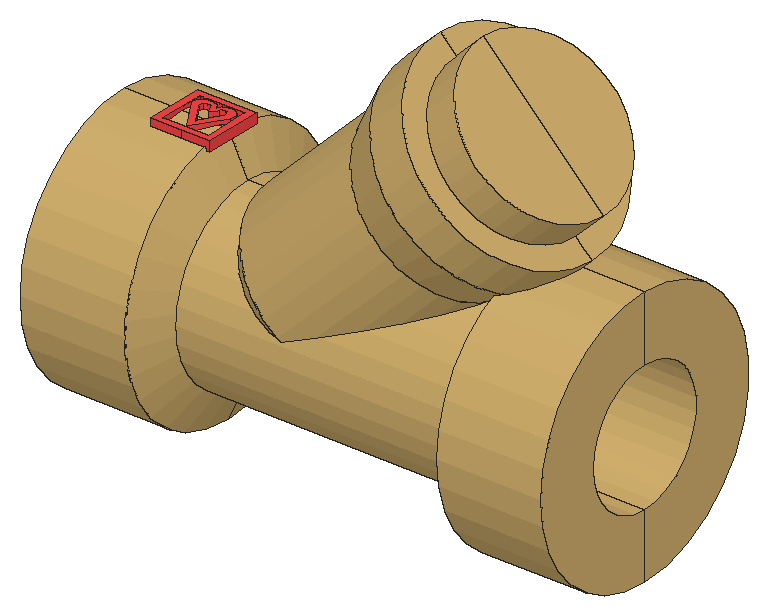
Revit family "Фильтр-грязевик 2662", category Rohrzubehör, Revit 2020
Family settings
  Bemaßung runder Anschluss = Durchmesser verwenden
  Teiletyp = Unterbricht
  OmniClass-Nummer = 23.65.55.14
  OmniClass-Titel = Valves for Liquid Services
  Arbeitsebenenbasiert = Nein
  Immer vertikal = Ja
  Beim Laden mit Abzugskörper schneiden = Nein
  Gemeinsam genutzt = Nein
Parameters
  Номер заказа [instance] = size_lookup("2662_", "Artnr", 0, Nennweite)  # 1266202
  Мин. рабочая температура (вода) = 0.5 °C  # constant formula
  Мин. рабочая температура = -30 °C  # constant formula
  Макс. рабочая температура (вода) = 95 °C  # constant formula
  Макс. рабочая температура = 130 °C  # constant formula
  Макс. рабочее давление = 2500000.0 Pa  # constant formula
  W01 = 45.00°  # constant formula
  Vorgabe-Ansicht = 0.000 mm
  URL = "www.herz-armaturen.ru"
  Заглушка = "штампованная латунь CW 617N"  # constant formula
  Фильтрующий элемент = "нержавеющая сталь, размер ячейки 0,5 мм"  # constant formula
  SW01 [instance] = size_lookup("2662_", "SW1", 12.000 mm, Nennweite)  # 13.000 mm
  SCTWSEQ = "AW;SBT_TYP_AW=\"112\";2"
  SCTWCODE = "04;16;02"  # constant formula
  SCRNSEQ = "AWI;AWI_TYP=\"1011\";2"
  SCRNCODE = "05;15;02"  # constant formula
  S01 [instance] = R01 * 2  # 40.000 mm
  R07 [instance] = size_lookup("2662_", "R7", 13.000 mm, Nennweite)  # 16.500 mm
  R06 [instance] = size_lookup("2662_", "R6", 11.500 mm, Nennweite)  # 14.000 mm
  R05 [instance] = Nennweite / 2  # 10.000 mm
  R03 [instance] = size_lookup("2662_", "R3", 11.500 mm, Nennweite)  # 14.000 mm
  R02 [instance] = Nennweite / 2  # 10.000 mm
  R01 [instance] = (Nennweite / 2) + 10.000 mm  # 20.000 mm
  Nennweite [instance] = 20.000 mm
  Среда = "Качество теплоносителя в соответствии с ÖNORM H5195 и/или предписаниями VDI-Standard 2035. \nРазрешается использование смеси этилен или пропиленгликоля в соотношении 25-50% с водой. Пожалуйста, обратитесь к документации производителя, при использовании этиленгликоля и пропиленгликоля в целях защиты от замерзания. Прокладки EPDM могут быть подвержены воздействию минеральных смазочных масел, что может служить причиной выхода из строя данных уплотнений."
  L16 [instance] = L03 / 2  # 7.750 mm
  L15 [instance] = R01 - 1.000 mm  # 19.000 mm
  L14 [instance] = L06 - L08  # 8.000 mm
  L11 [instance] = size_lookup("2662_", "L11", 4.500 mm, Nennweite)  # 6.000 mm
  L09 [instance] = size_lookup("2662_", "L9", 9.000 mm, Nennweite)  # 7.000 mm
  L08 [instance] = size_lookup("2662_", "L8", 23.500 mm, Nennweite)  # 32.000 mm
  L07 [instance] = size_lookup("2662_", "L7", 11.000 mm, Nennweite)  # 13.000 mm
  L06 [instance] = size_lookup("2662_", "L6", 36.500 mm, Nennweite) - L09  # 40.000 mm
  L03 [instance] = size_lookup("2662_", "L3", 15.000 mm, Nennweite)  # 15.500 mm
  L02 [instance] = size_lookup("2662_", "L2", 14.000 mm, Nennweite)  # 21.000 mm
  L01 [instance] = size_lookup("2662_", "L1", 17.000 mm, Nennweite)  # 16.000 mm
  L00 [instance] = size_lookup("2662_", "L", 68.000 mm, Nennweite)  # 80.000 mm
  Внутренняя резьба = "в соответствии с ISO 228-1"  # constant formula
  Hersteller = "Herz-Armaturen GmbH"  # constant formula
  Корпус (DN50) = "литая латунь в соотв. с EN 1982; CC770S"  # constant formula
  Корпус (DN15-DN40) = "штампованная латунь CW 617N"  # constant formula
  Уплотнения = "EPDM"  # constant formula
  Область применения = "Фильтры устанавливаются с целью защиты клапанов от мелких частиц грязи в системах отопления и \nхолодоснабжения. Ароматические хлорированные углеводороды, такие как природный газ или продукты нефтепереработки, разрушают уплотнения из EPDM."
Reference planes
  plane 1 "Mitte (Vorne/hinten)": y = 0
  plane 2: z = 0
  plane 3 "Mitte (Links/rechts)": x = 0
Forms (mm)
  Revolve 1, solid, material "Messing", detail levels fine
    sketch origin (470, 0, 0) x (1, 0, 0) y (0, 0, 1)
      loop
        line (-510, 10) -> (-494.5, 10) -> (-494.5, 0) -> (-445.5, 0) -> (-445.5, 10) -> (-430, 10) -> (-430, 20) -> (-446, 20) -> (-449, 14) -> (-491, 14) -> (-494, 20) -> (-510, 20) -> (-510, 10)
      axis (-510, 0) -> (-430, 0)
    angle from 0 to 360
  Revolve 2, solid, material "Messing", detail levels fine
    sketch origin (0.32, 0, -0.105) x (1, 0, 0) y (0, 0, 1)
      loop
        line (-13.32, 0) -> (24.157, 37.477) -> (14.964, 46.669) -> (10.722, 42.426) -> (8.247, 44.901) -> (3.297, 39.952) -> (-0.592, 32.527) -> (-17.563, 15.556) -> (-20.391, 7.071) -> (-13.32, 0)
      axis (-13.32, 0) -> (24.157, 37.477)
    angle from 0 to 360
Lines and regions (mm)
  model lines, detail levels coarse+medium
    curve 1: line (-40, 0, 20) -> (40, 0, 20)
    curve 2: line (-40, 0, -20) -> (-40, 0, 20)
    curve 3: line (40, 0, -20) -> (-40, 0, -20)
    curve 4: line (40, 0, 20) -> (40, 0, -20)
    curve 6: line (-40, 20, 0) -> (40, 20, 0)
    curve 7: line (-40, -20, 0) -> (-40, 20, 0)
    curve 8: line (40, -20, 0) -> (-40, -20, 0)
    curve 9: line (40, 20, 0) -> (40, -20, 0)
    curve 10: line (40, -20, 0) -> (-40, 20, 0)
  symbolic lines, style "PipeAccessory"
    curve 5: line (40, 0, -20) -> (-40, 0, 20)
Dimensions and locks
  "L00": Revolve 1 sketch curve to Revolve 1 sketch curve
  equal spacing: Revolve 1 sketch curve, plane 3 "Mitte (Links/rechts)", Revolve 1 sketch curve
  "R01": Revolve 1 sketch curve to Revolve 1 sketch curve  (x2)
  "R02": Revolve 1 sketch curve to Revolve 1 sketch curve  (x2)
  "L01": Revolve 1 sketch curve to Revolve 1 sketch curve  (x2)
  "L02": plane 3 "Mitte (Links/rechts)" to Revolve 1 sketch curve
  "L02": Revolve 1 sketch curve to plane 3 "Mitte (Links/rechts)"
  "R03": Revolve 1 sketch curve to Revolve 1 sketch curve
  "L03": Revolve 1 sketch curve to Revolve 1 sketch curve  (x2)
  "L11": Revolve 2 sketch curve to Revolve 2 sketch curve
  "L07": plane 3 "Mitte (Links/rechts)" to Revolve 2 sketch curve  (x2)
  "R05": Revolve 2 sketch curve to Revolve 2 sketch curve
  "L06": Revolve 2 sketch curve to Revolve 2 sketch curve
  "L08": Revolve 2 sketch curve to Revolve 2 sketch curve
  "R06": Revolve 2 sketch curve to Revolve 2 sketch curve
  "L14": Revolve 2 sketch curve to Revolve 2 sketch curve
  "L15": nested 1 to plane 2
  "L16": Revolve 1 to nested 1
  equal spacing: curve 7, plane 3 "Mitte (Links/rechts)", curve 9
  "L00": curve 7 to curve 9
  "S01": curve 6 to curve 8
  equal spacing: curve 4, plane 3 "Mitte (Links/rechts)", curve 2
  "L00": curve 4 to curve 2
  equal spacing: curve 1, plane 2, curve 3
  "S01": curve 1 to curve 3
  equal spacing: curve 8, plane 1 "Mitte (Vorne/hinten)", curve 6
  "L09": Revolve 2 sketch curve to Revolve 2 sketch curve
  "R07": Revolve 2 sketch curve to Revolve 2 sketch curve
  "SW01": Revolve 2 sketch curve to Revolve 2 sketch curve
  "W01": angle plane 2 to Revolve 2 sketch curve
  "W01": angle level to Revolve 2 sketch curve
  aligned and locked: level to plane 2
Automatic sketch dimensions
  Revolve 1 sketch curve to level = 0.000 mm  (x2)
  Revolve 1 sketch curve to Revolve 1 sketch curve = 791.990 mm
  Revolve 1 sketch curve to Revolve 1 sketch curve = 2278.983 mm
  Revolve 2 sketch curve to level = 0.105 mm
  Revolve 2 sketch curve to Revolve 2 sketch curve = 0.000 mm
Nested families
  nested 1: "Herz-Logo" at (-27.732, 0, 19), type "Herz-Logo", detail levels fine
Connectors
  piping at (-24.5, 0, 0), diameter 20, driven by "Nennweite"
    settings: on Revolve 1, index 1, connector inside diameter 609.6 mm, connector length 0.000 mm, flow factor 0, pipe flow 0.0 L/s, pressure drop 0.0 Pa, fitting loss kfactor 0, connector angle 0.00°, fixture units 0, engagement length 0.000 mm, angle of deflection 0.00°, flow configuration 0, flow direction 1, fitting loss method 0, system type 29, joint type 0, gender type 0, connector reference index -1, connector utility 0, adjustable connector no, is connector primary yes, connector description ""
  piping at (24.5, 0, 0), diameter 20, driven by "Nennweite"
    settings: on Revolve 1, index 2, connector inside diameter 609.6 mm, connector length 0.000 mm, flow factor 0, pipe flow 0.0 L/s, pressure drop 0.0 Pa, fitting loss kfactor 0, connector angle 0.00°, fixture units 0, engagement length 0.000 mm, angle of deflection 0.00°, flow configuration 0, flow direction 2, fitting loss method 0, system type 29, joint type 0, gender type 0, connector reference index -1, connector utility 0, adjustable connector no, is connector primary no, connector description ""
Definition of nested family "Herz-Logo"
  Parameters (values of type "Herz-Logo")
    Default Elevation = 0.000 mm
  Reference planes
    plane 1 "Mitte (Vorne/hinten)": y = 0
    plane 2: z = 0
    plane 3 "Mitte (Links/rechts)": x = 0
  Forms (mm)
    Extrusion 1, solid
      sketch origin (0, 0, 0) x (1, 0, 0) y (0, 1, 0)
        loop
          line (-0.018, -4.517) -> (4.482, -4.517) -> (4.482, 4.483) -> (-4.518, 4.483) -> (-4.518, -4.517) -> (-0.018, -4.517)
        loop
          line (-0.05, -3.48) -> (3.482, -3.48) -> (3.482, 3.483) -> (-3.518, 3.483) -> (-3.518, -3.48) -> (-0.05, -3.48)
        loop
          arc (-0.018, 2.383) -> (-1.543, 3.287) -> (-3.067, 2.383) r 1.738
          arc (-3.067, 2.383) -> (-3.191, 1.899) -> (-3.067, 1.415) r 1.009
          line (-3.067, 1.415) -> (-0.018, -3.281) -> (3.032, 1.415)
          arc (3.032, 1.415) -> (3.156, 1.899) -> (3.032, 2.383) r 1.009
          arc (3.032, 2.383) -> (1.507, 3.287) -> (-0.018, 2.383) r 1.738
        loop
          arc (1.885, 1.272) -> (2.005, 1.675) -> (1.885, 2.079) r 0.74
          arc (1.885, 2.079) -> (1.265, 2.416) -> (0.644, 2.079) r 0.74
          line (0.644, 2.079) -> (-0.018, 0.97) -> (-0.679, 2.079)
          arc (-0.679, 2.079) -> (-1.3, 2.416) -> (-1.921, 2.079) r 0.74
          arc (-1.921, 2.079) -> (-2.04, 1.675) -> (-1.921, 1.272) r 0.74
          line (-1.921, 1.272) -> (-0.018, -1.658) -> (1.885, 1.272)
      from 0 to 1.5
  Dimensions and locks
    aligned and locked: level to plane 2
